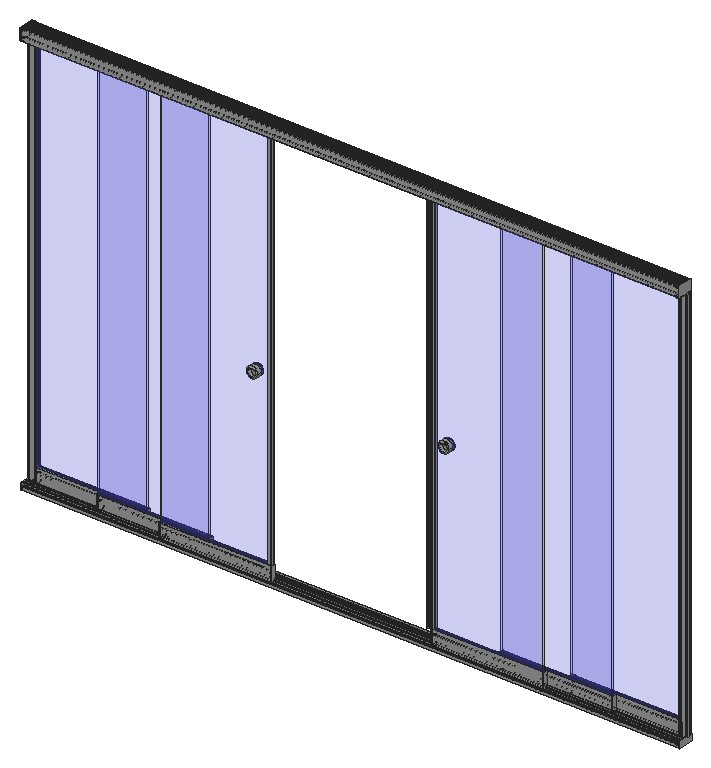
Revit family "SlideTec- 4 Panels - Retracted both sides))", category Generic Models, Revit 2018
Family settings
  Can host rebar = No
  Round Connector Dimension = Use Diameter
  Part Type = Normal
  Work Plane-Based = No
  Always vertical = Yes
  Cut with Voids When Loaded = No
  Shared = No
  Room Calculation Point = No
Parameters
  Panel 1 [instance] = if(Sliders Retracting < 0 mm, 0 mm, if(Sliders Retracting > Panel Width - 41.5 mm, Panel Width - 41.5 mm, Sliders Retracting))  # 350 mm
  Panel Width [instance] = (Length Input - 56 mm + Gap * 4) / 6  # 601.667 mm
  Sliders Retracting [instance] = 350 mm
  Panel 2 [instance] = Panel 1 * 2  # 700 mm
  Length Input [instance] = if(Length < 2000 mm, 2000 mm, if(Length > 5000 mm, 5000 mm, Length))  # 3500 mm
  Length [instance] = 3500 mm
  Height Input [instance] = if(Height < 1500 mm, 1500 mm, if(Height > 3000 mm, 3000 mm, Height))  # 2200 mm
  Height [instance] = 2200 mm
  Glass [instance] = Glass
  Gap [instance] = 41.5 mm  # constant formula
  Framing [instance] = Aluminium
Reference planes
  plane 1 "Center (Front/Back)": y = 0
  plane 2: z = 0
  plane 3 "Center (Left/Right)": x = 1248.5
  plane 4: x = -501.5
  plane 5: x = 2998.5
  plane 6: z = 2200
  plane 7: z = 2145
  plane 8: x = -467.5
  plane 9: z = 2180
  plane 10: x = 2970.5
  plane 11: x = -473.5
Dimensions and locks
  equal spacing: plane 4, plane 3 "Center (Left/Right)", plane 5
  locked: plane 6 to plane 7 at 55
  "Length Input": plane 4 to plane 5
  "Height Input": plane 6 to level
  locked: plane 6 to plane 9 at 20
  locked: plane 4 to plane 11 at 28
  "Panel 1": plane 11 to nested 10
  "Panel 2": plane 11 to nested 8
  locked: plane 10 to plane 5 at 28
  "Panel 1": nested 9 to plane 10
  "Panel 2": nested 7 to plane 10
  aligned and locked: level to plane 2
  aligned and locked: plane 7 to nested 1
  aligned and locked: plane 5 to nested 2
  aligned and locked: nested 3 to plane 8
  aligned and locked: plane 7 to nested 2
  aligned and locked: plane 9 to nested 3
  aligned and locked: plane 6 to nested 6
  aligned and locked: plane 4 to nested 5
  aligned and locked: plane 9 to nested 7
  aligned and locked: nested 4 to plane 9
  aligned and locked: plane 9 to nested 10
  aligned and locked: nested 9 to plane 9
  aligned and locked: plane 9 to nested 8
  aligned and locked: nested 4 to plane 10
  aligned and locked: plane 4 to nested 6
Nested families
  nested 1: "Side Channel" at (-501.5, 34.5, 24.002) x (0, -1, 0) z (0, 0, 1), type "Side Channel"
    with Height 2120.998 mm
  nested 2: "Side Channel" at (2998.5, 34.5, 24.002) x (0, 1, 0) z (0, 0, 1), type "Side Channel"
    with Height 2120.998 mm
  nested 3: "Panel 1" at (-172.667, 34.5, 20.362), type "Panel 1"
    with Height 2159.638 mm
  nested 4: "Panel 1" at (2669.667, 34.5, 20.362) x (-1, 0, 0) z (0, 0, 1), type "Panel 1"
    with Height 2159.638 mm
  nested 5: "Base Track For 3 Panels " at (-46.328, 0, 0), type "Base Track For 3 Panels "
    with Length 3500 mm
  nested 6: "Head Guide for 3 Panels" at (-120.423, 0, 2140), type "Head Guide for 3 Panels"
  nested 7: "Panel RH" at (1969.667, -11.5, 20.362), Width <- "Panel Width", Glass <- "Glass", Framing <- "Framing", type "Panel RH"
    with Width 601.667 mm, Height 2159.638 mm, Glass Glass, Framing Aluminium, Door Height 979.819 mm
  nested 8: "Panel LH" at (527.333, -11.5, 20.362), type "Panel LH"
    with Height 2159.638 mm, Door Height 979.819 mm
  nested 9: "Panel 2" at (2319.667, 11.5, 20.362) x (-1, 0, 0) z (0, 0, 1), type "Panel 2"
    with Height 2159.638 mm
  nested 10: "Panel 2" at (177.333, 11.5, 20.362) x (-1, 0, 0) z (0, 0, 1), type "Panel 2"
    with Height 2159.638 mm
Definition of nested family "Side Channel"
  Parameters (values of type "Side Channel")
    Height [instance] = 326.66 mm
    Framing = none
  Reference planes
    plane 1 "Center (Front/Back)": y = 0
    plane 2: z = 0
    plane 3 "Center (Left/Right)": x = 0
    plane 4: z = 326.66
  Forms (mm)
    Extrusion 1, solid, material <- "Framing"
      sketch origin (41.265, 114.075, 0) x (0, 1, 0) y (-1, 0, 0)
        loop
          arc (-74.577, 26.665) -> (-74.222, 26.811) -> (-74.075, 27.165) r 0.5
          line (-74.075, 27.165) -> (-74.075, 28.965)
          arc (-74.075, 28.965) -> (-74.888, 30.101) -> (-76.225, 29.698) r 1.2
          line (-76.225, 29.698) -> (-76.225, 28.865) -> (-75.175, 28.865) -> (-75.175, 27.765) -> (-80.475, 27.765) -> (-80.475, 28.865) -> (-79.425, 28.865) -> (-79.425, 29.812)
          arc (-79.425, 29.812) -> (-80.467, 30.15) -> (-81.349, 29.501) r 1.2
          line (-81.349, 29.501) -> (-81.349, 28.665) -> (-103.075, 28.665) -> (-103.075, 30.015) -> (-104.075, 30.015) -> (-104.075, 52.515) -> (-103.075, 52.515) -> (-103.075, 53.865) -> (-81.349, 53.865) -> (-81.349, 53.029)
          arc (-81.349, 53.029) -> (-80.467, 52.38) -> (-79.425, 52.718) r 1.2
          line (-79.425, 52.718) -> (-79.425, 53.665) -> (-80.475, 53.665) -> (-80.475, 54.765) -> (-75.175, 54.765) -> (-75.175, 53.665) -> (-76.225, 53.665) -> (-76.225, 52.832)
          arc (-76.225, 52.832) -> (-74.888, 52.429) -> (-74.075, 53.565) r 1.2
          line (-74.075, 53.565) -> (-74.075, 55.365)
          arc (-74.075, 55.365) -> (-74.221, 55.719) -> (-74.575, 55.865) r 0.5
          line (-74.575, 55.865) -> (-110.875, 55.865) -> (-110.875, 54.565) -> (-114.075, 54.565) -> (-114.075, 51.065) -> (-112.475, 51.065) -> (-112.475, 52.965) -> (-109.575, 52.965) -> (-109.575, 53.865) -> (-106.575, 53.865) -> (-106.575, 46.065) -> (-114.075, 46.065) -> (-114.075, 44.265) -> (-106.575, 44.265) -> (-106.575, 38.265) -> (-114.075, 38.265) -> (-114.075, 36.465) -> (-106.575, 36.465) -> (-106.575, 28.665) -> (-109.575, 28.665) -> (-109.575, 29.565) -> (-112.475, 29.565) -> (-112.475, 31.465) -> (-114.075, 31.465) -> (-114.075, 27.965) -> (-110.875, 27.965) -> (-110.875, 26.665) -> (-74.577, 26.665)
      from 0 to 326.66
  Dimensions and locks
    "Height": plane 4 to plane 2
    aligned and locked: level to plane 2
    aligned and locked: plane 4 to Extrusion 1
  Automatic sketch dimensions
    plane 1 "Center (Front/Back)" to Extrusion 1 sketch curve = 0 mm  (x4)
    Extrusion 1 sketch curve to Extrusion 1 sketch curve = 1.6 mm
    Extrusion 1 sketch curve to plane 1 "Center (Front/Back)" = 1.6 mm
    Extrusion 1 sketch curve to plane 1 "Center (Front/Back)" = 3.2 mm  (x2)
    Extrusion 1 sketch curve to Extrusion 1 sketch curve = 1.3 mm  (x3)
    Extrusion 1 sketch curve to Extrusion 1 sketch curve = 3 mm
    Extrusion 1 sketch curve to Extrusion 1 sketch curve = 0 mm  (x3)
    Extrusion 1 sketch curve to Extrusion 1 sketch curve = 2.5 mm
    Extrusion 1 sketch curve to Extrusion 1 sketch curve = 1 mm  (x2)
    Extrusion 1 sketch curve to Extrusion 1 sketch curve = 21.726 mm  (x2)
    Extrusion 1 sketch curve to Extrusion 1 sketch curve = 0.874 mm  (x2)
    Extrusion 1 sketch curve to Extrusion 1 sketch curve = 0.2 mm  (x3)
    Extrusion 1 sketch curve to Extrusion 1 sketch curve = 0.85 mm  (x2)
    Extrusion 1 sketch curve to Extrusion 1 sketch curve = 3.2 mm  (x2)
    Extrusion 1 sketch curve to Extrusion 1 sketch curve = 0.95 mm  (x2)
    Extrusion 1 sketch curve to Extrusion 1 sketch curve = 0.1 mm  (x6)
    Extrusion 1 sketch curve to Extrusion 1 sketch curve = 0.598 mm
    Extrusion 1 sketch curve to Extrusion 1 sketch curve = 0.6 mm  (x3)
    Extrusion 1 sketch curve to Extrusion 1 sketch curve = 0.002 mm
    Extrusion 1 sketch curve to Extrusion 1 sketch curve = 0.5 mm
    Extrusion 1 sketch curve to Extrusion 1 sketch curve = 1.1 mm  (x3)
    plane 3 "Center (Left/Right)" to Extrusion 1 sketch curve = 14.6 mm
    Extrusion 1 sketch curve to Extrusion 1 sketch curve = 0.9 mm  (x3)
    Extrusion 1 sketch curve to Extrusion 1 sketch curve = 0.836 mm
    Extrusion 1 sketch curve to Extrusion 1 sketch curve = 1.35 mm  (x2)
    Extrusion 1 sketch curve to Extrusion 1 sketch curve = 1.9 mm  (x2)
    plane 3 "Center (Left/Right)" to Extrusion 1 sketch curve = 4.8 mm
    Extrusion 1 sketch curve to Extrusion 1 sketch curve = 1.8 mm  (x2)
    Extrusion 1 sketch curve to plane 3 "Center (Left/Right)" = 3 mm
    Extrusion 1 sketch curve to Extrusion 1 sketch curve = 5 mm
    Extrusion 1 sketch curve to Extrusion 1 sketch curve = 6.45 mm
    Extrusion 1 sketch curve to plane 3 "Center (Left/Right)" = 11.453 mm
    Extrusion 1 sketch curve to Extrusion 1 sketch curve = 0.114 mm
    Extrusion 1 sketch curve to Extrusion 1 sketch curve = 0.311 mm
    Extrusion 1 sketch curve to Extrusion 1 sketch curve = 0.7 mm
Definition of nested family "Panel 1"
  Parameters (values of type "Panel 1")
    Width = 601.667 mm
    Visable Handle = yes
    Height [instance] = 2200 mm
    Handle = 1000 mm
    Glass = none
    Framing = none
  Reference planes
    plane 1 "Center (Front/Back)": y = 0
    plane 2: z = 0
    plane 3 "Center (Left/Right)": x = 0
    plane 4: x = -294.833
    plane 5: x = 294.833
    plane 6: z = 2200
    plane 7: x = -300.833
    plane 8: x = 300.833
    plane 9: z = 1000
  Forms (mm)
    Extrusion 1, solid, material <- "Framing"
      sketch origin (-125, 0, 0.663) x (0, 1, 0) y (0, 0, 1)
        loop
          line (-3.408, 45.955) -> (3.408, 45.955)
          arc (3.408, 45.955) -> (6.75, 47.192) -> (3.408, 48.43) r 1.9
          line (3.408, 48.43) -> (-3.408, 48.43)
          arc (-3.408, 48.43) -> (-6.75, 47.192) -> (-3.408, 45.955) r 1.9
        loop
          arc (8.85, 0) -> (9.204, 0.146) -> (9.35, 0.5) r 0.5
          line (9.35, 0.5) -> (9.35, 79.992) -> (6.3, 79.992) -> (6.3, 76.917) -> (6.6, 76.144) -> (6.6, 72.75) -> (6.3, 71.977) -> (6.3, 66.917) -> (6.6, 66.144) -> (6.6, 62.75) -> (6.3, 61.977) -> (6.3, 56.917) -> (6.6, 56.144) -> (6.6, 52.492) -> (2.5, 52.492) -> (2.5, 51.292) -> (-2.5, 51.292) -> (-2.5, 52.492) -> (-6.6, 52.492) -> (-6.6, 56.144) -> (-6.3, 56.917) -> (-6.3, 61.977) -> (-6.6, 62.75) -> (-6.6, 66.144) -> (-6.3, 66.917) -> (-6.3, 71.977) -> (-6.6, 72.75) -> (-6.6, 76.144) -> (-6.3, 76.917) -> (-6.3, 79.992) -> (-9.35, 79.992) -> (-9.35, 0.5)
          arc (-9.35, 0.5) -> (-9.204, 0.146) -> (-8.85, 0) r 0.5
          line (-8.85, 0) -> (-7.25, 0) -> (-7.25, 4.819) -> (-7.651, 5.547) -> (-7.751, 43.092) -> (7.75, 43.092) -> (7.75, 11.092) -> (7.75, 5.726) -> (7.35, 5) -> (7.244, 0) -> (8.85, 0)
      from -169.833 to 419.833
    Extrusion 2, solid, material <- "Glass"
      sketch origin (-125, 0, 0.163) x (0, 1, 0) y (0, 0, 1)
        loop
          line (5.979, 53.992) -> (5.979, 2200) -> (-6.021, 2200) -> (-6.021, 53.992) -> (-5.021, 52.992) -> (4.979, 52.992) -> (5.979, 53.992)
      from -169.833 to 419.833
  Dimensions and locks
    "Height": plane 6 to plane 2
    locked: plane 7 to plane 4 at 6
    locked: plane 5 to plane 8 at 6
    equal spacing: plane 4, plane 3 "Center (Left/Right)", plane 5
    "Width": plane 7 to plane 8
    "Handle": plane 9 to plane 2
    aligned and locked: level to plane 2
    aligned and locked: Extrusion 2 to plane 4
    aligned and locked: Extrusion 2 to plane 5
    aligned and locked: nested 2 to plane 7
    aligned and locked: Extrusion 1 to plane 4
    aligned and locked: nested 1 to plane 8
    aligned and locked: Extrusion 1 to plane 5
  Automatic sketch dimensions
    plane 1 "Center (Front/Back)" to Extrusion 1 sketch curve = 9.35 mm
    Extrusion 1 sketch curve to Extrusion 1 sketch curve = 0.5 mm
    plane 1 "Center (Front/Back)" to Extrusion 1 sketch curve = 7.751 mm
    Extrusion 1 sketch curve to Extrusion 1 sketch curve = 1.199 mm
    Extrusion 1 sketch curve to Extrusion 1 sketch curve = 0.401 mm
    plane 1 "Center (Front/Back)" to Extrusion 1 sketch curve = 6.6 mm  (x2)
    Extrusion 1 sketch curve to Extrusion 1 sketch curve = 2.75 mm
    Extrusion 1 sketch curve to Extrusion 1 sketch curve = 0.3 mm  (x6)
    plane 1 "Center (Front/Back)" to Extrusion 1 sketch curve = 4.85 mm
    Extrusion 1 sketch curve to Extrusion 1 sketch curve = 1.442 mm  (x3)
    plane 1 "Center (Front/Back)" to Extrusion 1 sketch curve = 2.5 mm
    Extrusion 1 sketch curve to plane 1 "Center (Front/Back)" = 2.5 mm
    Extrusion 1 sketch curve to Extrusion 1 sketch curve = 0.908 mm
    Extrusion 1 sketch curve to Extrusion 1 sketch curve = 0 mm  (x2)
    Extrusion 1 sketch curve to plane 1 "Center (Front/Back)" = 6.3 mm  (x2)
    level to Extrusion 1 sketch curve = 0.663 mm  (x2)
    Extrusion 1 sketch curve to plane 1 "Center (Front/Back)" = 7.244 mm
    Extrusion 1 sketch curve to Extrusion 1 sketch curve = 0.106 mm
    Extrusion 1 sketch curve to Extrusion 1 sketch curve = 0.4 mm
    Extrusion 1 sketch curve to Extrusion 1 sketch curve = 1.606 mm
    Extrusion 1 sketch curve to Extrusion 1 sketch curve = 3.05 mm
    Extrusion 1 sketch curve to Extrusion 1 sketch curve = 4.319 mm
    Extrusion 1 sketch curve to Extrusion 1 sketch curve = 4.5 mm
    Extrusion 1 sketch curve to Extrusion 1 sketch curve = 0.728 mm
    Extrusion 1 sketch curve to Extrusion 1 sketch curve = 0.726 mm
    Extrusion 1 sketch curve to Extrusion 1 sketch curve = 5.367 mm
    Extrusion 1 sketch curve to Extrusion 1 sketch curve = 32 mm
    Extrusion 1 sketch curve to Extrusion 1 sketch curve = 2.862 mm  (x2)
    Extrusion 1 sketch curve to Extrusion 1 sketch curve = 1.238 mm
    Extrusion 1 sketch curve to Extrusion 1 sketch curve = 1.2 mm  (x2)
    Extrusion 1 sketch curve to Extrusion 1 sketch curve = 3.652 mm  (x2)
    Extrusion 1 sketch curve to Extrusion 1 sketch curve = 0.773 mm  (x10)
    Extrusion 1 sketch curve to Extrusion 1 sketch curve = 5.06 mm  (x4)
    Extrusion 1 sketch curve to Extrusion 1 sketch curve = 3.394 mm  (x2)
    Extrusion 1 sketch curve to Extrusion 1 sketch curve = 4.167 mm  (x2)
    Extrusion 1 sketch curve to Extrusion 1 sketch curve = 3.076 mm  (x2)
    plane 6 to Extrusion 2 sketch curve = 0.163 mm
    plane 1 "Center (Front/Back)" to Extrusion 2 sketch curve = 6.021 mm
    Extrusion 2 sketch curve to Extrusion 2 sketch curve = 1 mm  (x2)
    Extrusion 2 sketch curve to plane 1 "Center (Front/Back)" = 4.979 mm
    Extrusion 2 sketch curve to plane 1 "Center (Front/Back)" = 5.979 mm
    level to Extrusion 2 sketch curve = 54.155 mm
    Extrusion 2 sketch curve to Extrusion 2 sketch curve = 0 mm
  Nested families
    nested 1: "Slider Extrusion End Cap RH & LH" at (300.833, 0, 0) x (0, -1, 0) z (0, 0, 1), type "Slider Extrusion End Cap RH & LH"
    nested 2: "Slider Extrusion End Cap End" at (-300.833, 0, 0) x (0, 1, 0) z (0, 0, 1), type "Slider Extrusion End Cap End"
  Definition of nested family "Slider Extrusion End Cap RH & LH"
    Parameters (values of type "Slider Extrusion End Cap RH & LH")
      Framing = none
    Reference planes
      plane 1 "Center (Front/Back)": y = 0
      plane 2: z = 0
      plane 3 "Center (Left/Right)": x = 0
    Forms (mm)
      Extrusion 1, solid, material <- "Framing"
        sketch origin (9.522, -6, 0) x (1, 0, 0) y (0, 1, 0)
          loop
            line (0, 0) -> (-0.051, -14.5) -> (3.708, -14.982) -> (2.849, 6) -> (-19.001, 6) -> (-19.001, 0) -> (0, 0)
        from 0 to 80.905
      Extrusion 2, solid, material <- "Framing"
        sketch origin (9.522, -6, 0) x (0, 1, 0) y (0, 0, 1)
          loop
            line (-31, 43.114) -> (-31, 30.955) -> (-14.14, 0) -> (0, 0) -> (0, 43.655) -> (-31, 43.114)
        from -2.78 to -15.892
      Extrusion 3, void
        sketch origin (12.371, 0, 0) x (-1, 0, 0) y (0, 0, 1)
          loop
            line (9.371, 0) -> (-2.356, 1.188) -> (-2.356, -1.415) -> (21.85, -1.415) -> (21.85, 0.659) -> (15.371, 0) -> (15.371, 8.755)
            arc (15.371, 8.755) -> (12.371, 11.755) -> (9.371, 8.755) r 3
            line (9.371, 8.755) -> (9.371, 0)
        from 0 to -28.971
      Extrusion 4, solid, material <- "Framing"
        sketch origin (6.742, -6, 0) x (0, 1, 0) y (0, 0, 1)
          loop
            line (0, 43.655) -> (-14.5, 43.402) -> (-14.5, -0.888) -> (0, -0.888) -> (0, 43.655)
        from 0 to 2.729
    Cuts and joins
      Extrusion 3 cuts Extrusion 1
      Extrusion 3 cuts Extrusion 2
      Extrusion 3 cuts Extrusion 4
    Dimensions and locks
      aligned and locked: level to plane 2
  Definition of nested family "Slider Extrusion End Cap End"
    Parameters (values of type "Slider Extrusion End Cap End")
      Framing = none
    Reference planes
      plane 1 "Center (Front/Back)": y = 0
      plane 2: z = 0
      plane 3 "Center (Left/Right)": x = 0
    Forms (mm)
      Extrusion 1, solid, material <- "Framing"
        sketch origin (9.522, -6, 0) x (1, 0, 0) y (0, 1, 0)
          loop
            line (-0.043, 6) -> (-19.001, 6) -> (-19.001, 0) -> (-0.043, 0) -> (-0.043, 6)
        from 0 to 80.905
      Extrusion 2, solid, material <- "Framing"
        sketch origin (9.522, -6, 0) x (0, 1, 0) y (0, 0, 1)
          loop
            line (-31, 43.114) -> (-31, 30.955) -> (-14.14, 0) -> (0, 0) -> (0, 43.655) -> (-31, 43.114)
        from -2.78 to -15.892
      Extrusion 3, void
        sketch origin (12.371, 0, 0) x (-1, 0, 0) y (0, 0, 1)
          loop
            line (9.371, 0) -> (-2.356, 1.188) -> (-2.356, -1.415) -> (21.85, -1.415) -> (21.85, 0.659) -> (15.371, 0) -> (15.371, 8.755)
            arc (15.371, 8.755) -> (12.371, 11.755) -> (9.371, 8.755) r 3
            line (9.371, 8.755) -> (9.371, 0)
        from 0 to -28.971
    Cuts and joins
      Extrusion 3 cuts Extrusion 1
      Extrusion 3 cuts Extrusion 2
    Dimensions and locks
      aligned and locked: level to plane 2
Definition of nested family "Base Track For 3 Panels "
  Parameters (values of type "Base Track For 3 Panels ")
    Length = 4000 mm
    Framing = none
  Reference planes
    plane 1 "Center (Front/Back)": y = 0
    plane 2: z = 0
    plane 3 "Center (Left/Right)": x = 1546.328
    plane 4: x = -452.172
    plane 5: x = 3541.828
    plane 6: x = -455.172
    plane 7: x = 3544.828
  Forms (mm)
    Extrusion 1, solid, material <- "Framing"
      sketch origin (0, 0, 0) x (0, -1, 0) y (0, 0, -1)
        loop
          arc (-33.001, -18.859) -> (-34.553, -17.412) -> (-35.999, -18.964) r 1.5
          line (-35.999, -18.964) -> (-48.993, -19.417) -> (-48.993, -20.618) -> (-46.666, -20.537) -> (-45.793, -20.706) -> (-36.518, -20.382)
          arc (-36.518, -20.382) -> (-36.153, -20.523) -> (-36, -20.882) r 0.5
          line (-36, -20.882) -> (-36, -26.797)
          arc (-36, -26.797) -> (-36.147, -27.151) -> (-36.5, -27.297) r 0.5
          line (-36.5, -27.297) -> (-37.4, -27.297) -> (-37.4, -29.017)
          arc (-37.4, -29.017) -> (-34.5, -31.917) -> (-31.6, -29.017) r 2.9
          line (-31.6, -29.017) -> (-31.6, -27.297) -> (-32.5, -27.297)
          arc (-32.5, -27.297) -> (-32.854, -27.151) -> (-33, -26.797) r 0.5
          line (-33, -26.797) -> (-33, -20.26) -> (-13.518, -19.579)
          arc (-13.518, -19.579) -> (-13.153, -19.719) -> (-13, -20.079) r 0.5
          line (-13, -20.079) -> (-13, -26.797)
          arc (-13, -26.797) -> (-13.147, -27.151) -> (-13.5, -27.297) r 0.5
          line (-13.5, -27.297) -> (-14.4, -27.297) -> (-14.4, -29.017)
          arc (-14.4, -29.017) -> (-11.5, -31.917) -> (-8.6, -29.017) r 2.9
          line (-8.6, -29.017) -> (-8.6, -27.297) -> (-9.5, -27.297)
          arc (-9.5, -27.297) -> (-9.854, -27.151) -> (-10, -26.797) r 0.5
          line (-10, -26.797) -> (-10, -19.456) -> (9.51, -18.775)
          arc (9.51, -18.775) -> (9.875, -18.915) -> (10.028, -19.275) r 0.5
          line (10.028, -19.275) -> (10.028, -26.797)
          arc (10.028, -26.797) -> (9.881, -27.151) -> (9.528, -27.297) r 0.5
          line (9.528, -27.297) -> (8.6, -27.297) -> (8.6, -29.017)
          arc (8.6, -29.017) -> (11.5, -31.917) -> (14.4, -29.017) r 2.9
          line (14.4, -29.017) -> (14.4, -27.297) -> (13.5, -27.297)
          arc (13.5, -27.297) -> (13.146, -27.151) -> (13, -26.797) r 0.5
          line (13, -26.797) -> (13, -18.653) -> (22.588, -18.318)
          arc (22.588, -18.318) -> (22.936, -18.16) -> (23.07, -17.801) r 0.5
          line (23.07, -17.801) -> (23.07, -16.901) -> (12.992, -17.253)
          arc (12.992, -17.253) -> (11.447, -15.606) -> (10.021, -17.356) r 1.5
          line (10.021, -17.356) -> (-33.001, -18.859)
        loop
          arc (-29.357, -13.359) -> (-31.036, -14.23) -> (-32.921, -14.069) r 3.4
          arc (-32.921, -14.069) -> (-33.383, -14.123) -> (-33.6, -14.535) r 0.5
          arc (-33.6, -14.535) -> (-33.548, -14.975) -> (-33.395, -15.39) r 1.884
          arc (-33.395, -15.39) -> (-32.358, -15.943) -> (-31.563, -16.808) r 3.5
          line (-31.563, -16.808) -> (-12.4, -16.138) -> (-12.4, -1.8) -> (-33.6, -1.8) -> (-33.6, -7.255)
          arc (-33.6, -7.255) -> (-33.383, -7.667) -> (-32.921, -7.722) r 0.5
          arc (-32.921, -7.722) -> (-31.036, -7.561) -> (-29.357, -8.431) r 3.4
          arc (-29.357, -8.431) -> (-29.33, -9.492) -> (-30.391, -9.518) r 0.75
          arc (-30.391, -9.518) -> (-33.6, -10.895) -> (-30.391, -12.272) r 1.9
          arc (-30.391, -12.272) -> (-29.33, -12.299) -> (-29.357, -13.359) r 0.75
        loop
          line (10.59, -7.228) -> (10.59, -1.8) -> (-10.6, -1.8) -> (-10.6, -16.075) -> (8.386, -15.412) -> (9.3, -14.242)
          arc (9.3, -14.242) -> (6.591, -13.562) -> (5.305, -11.083) r 3.4
          arc (5.305, -11.083) -> (5.957, -10.19) -> (6.79, -10.916) r 0.75
          arc (6.79, -10.916) -> (10.033, -12.212) -> (8.737, -8.969) r 1.9
          arc (8.737, -8.969) -> (8.006, -8.2) -> (8.775, -7.47) r 0.75
          arc (8.775, -7.47) -> (9.352, -7.534) -> (9.91, -7.695) r 3.4
          arc (9.91, -7.695) -> (10.373, -7.641) -> (10.59, -7.228) r 0.5
        loop
          line (-37.563, -17.017) -> (-49.2, -17.423) -> (-49.2, -2.1) -> (-48.701, -1.4) -> (-48.701, 0) -> (-51, 0) -> (-51, -34.1)
          arc (-51, -34.1) -> (-50.1, -35) -> (-49.2, -34.1) r 0.9
          line (-49.2, -34.1) -> (-49.2, -22.139) -> (-47.544, -21.698) -> (-47.544, -20.868) -> (-49.193, -20.925) -> (-49.193, -19.224) -> (-46.443, -19.128) -> (-36.199, -18.771)
          arc (-36.199, -18.771) -> (-34.56, -17.012) -> (-32.801, -18.652) r 1.7
          line (-32.801, -18.652) -> (9.801, -17.164)
          arc (9.801, -17.164) -> (11.44, -15.406) -> (13.199, -17.045) r 1.7
          line (13.199, -17.045) -> (27.058, -16.562)
          arc (27.058, -16.562) -> (27.746, -16.258) -> (28.028, -15.562) r 1
          line (28.028, -15.562) -> (28.028, 0) -> (25.7, 0) -> (25.7, -1.4) -> (26.2, -2.1) -> (26.2, -14.79) -> (14.437, -15.201)
          arc (14.437, -15.201) -> (13.556, -14.272) -> (12.4, -13.723) r 3.5
          line (12.4, -13.723) -> (12.4, 0) -> (-35.4, 0) -> (-35.4, -15.329)
          arc (-35.4, -15.329) -> (-36.654, -15.952) -> (-37.563, -17.017) r 3.5
      from -452.172 to 3541.828
    Extrusion 2, solid, material <- "Framing"
      sketch origin (-272.837, 2.406, 17.302) x (0, -1, 0) y (0, 0, 1)
        loop
          line (30.434, -17.302) -> (30.434, 16.798)
          arc (30.434, 16.798) -> (30.171, 17.434) -> (29.534, 17.698) r 0.9
          line (29.534, 17.698) -> (-18.594, 17.698) -> (-18.594, 6.7) -> (-45.594, 6.7) -> (-45.594, 17.185)
          arc (-45.594, 17.185) -> (-45.744, 17.548) -> (-46.106, 17.698) r 0.512
          line (-46.106, 17.698) -> (-47.654, 17.698)
          arc (-47.654, 17.698) -> (-48.319, 17.423) -> (-48.594, 16.758) r 0.94
          line (-48.594, 16.758) -> (-48.594, -17.302) -> (30.434, -17.302)
      from 182.334 to 179.334
    Extrusion 3, void
      sketch origin (-452.172, 0, 0) x (0, -1, 0) y (0, 0, -1)
        loop
          line (-40.113, -23.801) -> (-40.113, -32.156) -> (-30.113, -32.156) -> (-30.113, -23.801) -> (-40.113, -23.801)
      from 0 to 7
    Extrusion 4, void
      sketch origin (3541.828, 0, 0) x (0, 1, 0) y (0, 0, -1)
        loop
          line (29.549, -22.139) -> (29.549, -32.156) -> (40.477, -32.156) -> (40.477, -22.139) -> (29.549, -22.139)
      from 0 to 7
    Extrusion 5, solid, material <- "Framing"
      sketch origin (272.837, 25.378, 17.302) x (0, -1, 0) y (0, 0, -1)
        loop
          line (53.406, 17.302) -> (-25.622, 17.302) -> (-25.622, -16.758)
          arc (-25.622, -16.758) -> (-25.347, -17.423) -> (-24.682, -17.698) r 0.94
          line (-24.682, -17.698) -> (-23.134, -17.698)
          arc (-23.134, -17.698) -> (-22.772, -17.548) -> (-22.622, -17.185) r 0.512
          line (-22.622, -17.185) -> (-22.622, -6.7) -> (4.378, -6.7) -> (4.378, -17.698) -> (52.506, -17.698)
          arc (52.506, -17.698) -> (53.143, -17.434) -> (53.406, -16.798) r 0.9
          line (53.406, -16.798) -> (53.406, 17.302)
      from 3271.991 to 3268.991
  Cuts and joins
    Extrusion 3, Extrusion 4 cuts Extrusion 1
  Dimensions and locks
    locked: plane 6 to plane 4 at 3
    locked: plane 5 to plane 7 at 3
    equal spacing: plane 4, plane 3 "Center (Left/Right)", plane 7
    "Length": plane 6 to plane 7
    aligned and locked: level to plane 2
    aligned and locked: cut or joined group of Extrusion 1, Extrusion 3, Extrusion 4 to plane 4
    aligned and locked: cut or joined group of Extrusion 1, Extrusion 3, Extrusion 4 to plane 5
    aligned and locked: plane 4 to Extrusion 2
    aligned and locked: Extrusion 2 to plane 6
    aligned and locked: plane 5 to Extrusion 5
    aligned and locked: Extrusion 5 to plane 7
  Automatic sketch dimensions
    Extrusion 1 sketch curve to Extrusion 1 sketch curve = 0 mm  (x34)
    Extrusion 1 sketch curve to level = 0 mm  (x3)
    Extrusion 1 sketch curve to plane 1 "Center (Front/Back)" = 51 mm
    Extrusion 1 sketch curve to Extrusion 1 sketch curve = 0.9 mm  (x3)
    level to Extrusion 1 sketch curve = 17.423 mm
    Extrusion 1 sketch curve to Extrusion 1 sketch curve = 0.007 mm  (x2)
    level to Extrusion 1 sketch curve = 20.618 mm
    Extrusion 1 sketch curve to Extrusion 1 sketch curve = 0.2 mm  (x3)
    Extrusion 1 sketch curve to Extrusion 1 sketch curve = 0.499 mm
    level to Extrusion 1 sketch curve = 21.698 mm
    Extrusion 1 sketch curve to Extrusion 1 sketch curve = 1.656 mm
    level to Extrusion 1 sketch curve = 20.537 mm
    Extrusion 1 sketch curve to Extrusion 1 sketch curve = 0.877 mm
    level to Extrusion 1 sketch curve = 19.128 mm
    Extrusion 1 sketch curve to Extrusion 1 sketch curve = 0.224 mm
    level to Extrusion 1 sketch curve = 20.706 mm
    Extrusion 1 sketch curve to Extrusion 1 sketch curve = 0.873 mm
    level to Extrusion 1 sketch curve = 17.017 mm
    Extrusion 1 sketch curve to Extrusion 1 sketch curve = 8.23 mm
    Extrusion 1 sketch curve to Extrusion 1 sketch curve = 0.163 mm
    level to Extrusion 1 sketch curve = 20.382 mm
    Extrusion 1 sketch curve to Extrusion 1 sketch curve = 1.045 mm
    Extrusion 1 sketch curve to Extrusion 1 sketch curve = 0.017 mm  (x4)
    level to Extrusion 1 sketch curve = 18.771 mm
    Extrusion 1 sketch curve to Extrusion 1 sketch curve = 0.318 mm
    Extrusion 1 sketch curve to Extrusion 1 sketch curve = 0.5 mm  (x12)
    Extrusion 1 sketch curve to Extrusion 1 sketch curve = 13.301 mm
    Extrusion 1 sketch curve to Extrusion 1 sketch curve = 1.499 mm  (x2)
    Extrusion 1 sketch curve to Extrusion 1 sketch curve = 2 mm  (x2)
    Extrusion 1 sketch curve to Extrusion 1 sketch curve = 1.8 mm  (x2)
    Extrusion 1 sketch curve to Extrusion 1 sketch curve = 2.3 mm
    level to Extrusion 1 sketch curve = 18.859 mm
    Extrusion 1 sketch curve to Extrusion 1 sketch curve = 0.001 mm
    level to Extrusion 1 sketch curve = 18.652 mm
    Extrusion 1 sketch curve to Extrusion 1 sketch curve = 1.384 mm
    Extrusion 1 sketch curve to Extrusion 1 sketch curve = 0.016 mm
    Extrusion 1 sketch curve to Extrusion 1 sketch curve = 1.238 mm  (x2)
    Extrusion 1 sketch curve to Extrusion 1 sketch curve = 1.842 mm
    Extrusion 1 sketch curve to Extrusion 1 sketch curve = 1.826 mm
    Extrusion 1 sketch curve to plane 1 "Center (Front/Back)" = 14.4 mm
    Extrusion 1 sketch curve to Extrusion 1 sketch curve = 0.883 mm
    Extrusion 1 sketch curve to Extrusion 1 sketch curve = 1.118 mm
    Extrusion 1 sketch curve to Extrusion 1 sketch curve = 1.4 mm
    plane 1 "Center (Front/Back)" to Extrusion 1 sketch curve = 6.04 mm
    Extrusion 1 sketch curve to Extrusion 1 sketch curve = 2.345 mm
    plane 1 "Center (Front/Back)" to Extrusion 1 sketch curve = 8.6 mm
    Extrusion 1 sketch curve to Extrusion 1 sketch curve = 2.649 mm  (x2)
    Extrusion 1 sketch curve to Extrusion 1 sketch curve = 0.01 mm
    Extrusion 1 sketch curve to Extrusion 1 sketch curve = 0.067 mm
    Extrusion 1 sketch curve to Extrusion 1 sketch curve = 0.915 mm
    Extrusion 1 sketch curve to Extrusion 1 sketch curve = 1.125 mm
    Extrusion 1 sketch curve to Extrusion 1 sketch curve = 0.928 mm
    Extrusion 1 sketch curve to Extrusion 1 sketch curve = 0.29 mm
    Extrusion 1 sketch curve to Extrusion 1 sketch curve = 0.22 mm
    Extrusion 1 sketch curve to Extrusion 1 sketch curve = 1.333 mm
    level to Extrusion 1 sketch curve = 1.8 mm  (x2)
    Extrusion 1 sketch curve to Extrusion 1 sketch curve = 1.479 mm
    Extrusion 1 sketch curve to Extrusion 1 sketch curve = 1.972 mm
    Extrusion 1 sketch curve to Extrusion 1 sketch curve = 1.81 mm
    Extrusion 1 sketch curve to Extrusion 1 sketch curve = 1.493 mm
    Extrusion 1 sketch curve to Extrusion 1 sketch curve = 0.206 mm
    Extrusion 1 sketch curve to Extrusion 1 sketch curve = 8.133 mm
    Extrusion 1 sketch curve to Extrusion 1 sketch curve = 13.3 mm
    level to Extrusion 1 sketch curve = 2.1 mm  (x2)
    Extrusion 1 sketch curve to Extrusion 1 sketch curve = 0.828 mm
    level to Extrusion 1 sketch curve = 16.562 mm
    Extrusion 1 sketch curve to Extrusion 1 sketch curve = 0.03 mm
    Extrusion 1 sketch curve to Extrusion 1 sketch curve = 1 mm
    Extrusion 1 sketch curve to Extrusion 1 sketch curve = 1.521 mm
    Extrusion 1 sketch curve to Extrusion 1 sketch curve = 10.236 mm
    Extrusion 1 sketch curve to Extrusion 1 sketch curve = 5.915 mm
    Extrusion 1 sketch curve to Extrusion 1 sketch curve = 1.719 mm  (x3)
    Extrusion 1 sketch curve to Extrusion 1 sketch curve = 11.961 mm
    Extrusion 1 sketch curve to Extrusion 1 sketch curve = 0.307 mm
    Extrusion 1 sketch curve to Extrusion 1 sketch curve = 0.83 mm
    Extrusion 1 sketch curve to Extrusion 1 sketch curve = 1.401 mm  (x2)
    Extrusion 1 sketch curve to Extrusion 1 sketch curve = 6.718 mm
    Extrusion 1 sketch curve to Extrusion 1 sketch curve = 0.623 mm
    Extrusion 1 sketch curve to Extrusion 1 sketch curve = 1.201 mm
    Extrusion 1 sketch curve to Extrusion 1 sketch curve = 7.523 mm
    Extrusion 1 sketch curve to Extrusion 1 sketch curve = 0.193 mm  (x2)
    Extrusion 1 sketch curve to Extrusion 1 sketch curve = 0.622 mm
    Extrusion 1 sketch curve to Extrusion 1 sketch curve = 1.757 mm
    Extrusion 1 sketch curve to Extrusion 1 sketch curve = 1.419 mm
    Extrusion 1 sketch curve to Extrusion 1 sketch curve = 0.192 mm
    Extrusion 1 sketch curve to Extrusion 1 sketch curve = 0.901 mm
    Extrusion 1 sketch curve to Extrusion 1 sketch curve = 1.844 mm  (x2)
    Extrusion 1 sketch curve to Extrusion 1 sketch curve = 3.441 mm
    Extrusion 1 sketch curve to Extrusion 1 sketch curve = 0.063 mm
    Extrusion 1 sketch curve to Extrusion 1 sketch curve = 1.752 mm
    Extrusion 1 sketch curve to Extrusion 1 sketch curve = 0.772 mm
    Extrusion 1 sketch curve to Extrusion 1 sketch curve = 2.272 mm
    Extrusion 1 sketch curve to Extrusion 1 sketch curve = 1.171 mm
    Extrusion 1 sketch curve to Extrusion 1 sketch curve = 1.72 mm  (x2)
    Extrusion 1 sketch curve to Extrusion 1 sketch curve = 3.307 mm
    Extrusion 1 sketch curve to Extrusion 1 sketch curve = 1.92 mm  (x2)
    Extrusion 1 sketch curve to Extrusion 1 sketch curve = 0.04 mm
    Extrusion 1 sketch curve to Extrusion 1 sketch curve = 0.027 mm
    Extrusion 1 sketch curve to Extrusion 1 sketch curve = 0.991 mm
    Extrusion 1 sketch curve to Extrusion 1 sketch curve = 0.7 mm  (x2)
    Extrusion 1 sketch curve to Extrusion 1 sketch curve = 0.517 mm
    Extrusion 1 sketch curve to Extrusion 1 sketch curve = 0.735 mm
    Extrusion 2 sketch curve to level = 0 mm
    Extrusion 2 sketch curve to plane 1 "Center (Front/Back)" = 51 mm
    Extrusion 2 sketch curve to Extrusion 2 sketch curve = 0.94 mm
    Extrusion 2 sketch curve to Extrusion 2 sketch curve = 1.548 mm
    Extrusion 2 sketch curve to Extrusion 2 sketch curve = 0.512 mm
    Extrusion 2 sketch curve to plane 1 "Center (Front/Back)" = 21.001 mm
    plane 1 "Center (Front/Back)" to Extrusion 2 sketch curve = 27.128 mm
    Extrusion 2 sketch curve to Extrusion 2 sketch curve = 0.9 mm
    level to Extrusion 2 sketch curve = 24.002 mm
    Extrusion 2 sketch curve to Extrusion 2 sketch curve = 10.058 mm
    level to Extrusion 2 sketch curve = 34.1 mm
    Extrusion 3 sketch curve to Extrusion 1 = 2.713 mm
    Extrusion 3 sketch curve to Extrusion 1 = 1.487 mm
    Extrusion 1 to Extrusion 3 sketch curve = 4.858 mm
    Extrusion 3 sketch curve to Extrusion 1 = 3.496 mm
    Extrusion 5 sketch curve to level = 0 mm
    Extrusion 5 sketch curve to plane 1 "Center (Front/Back)" = 51 mm
    Extrusion 5 sketch curve to Extrusion 5 sketch curve = 0.94 mm
    Extrusion 5 sketch curve to Extrusion 5 sketch curve = 1.548 mm
    Extrusion 5 sketch curve to Extrusion 5 sketch curve = 0.512 mm
    Extrusion 5 sketch curve to plane 1 "Center (Front/Back)" = 21.001 mm
    plane 1 "Center (Front/Back)" to Extrusion 5 sketch curve = 27.128 mm
    Extrusion 5 sketch curve to Extrusion 5 sketch curve = 0.9 mm
    level to Extrusion 5 sketch curve = 24.002 mm
    Extrusion 5 sketch curve to Extrusion 5 sketch curve = 10.058 mm
    level to Extrusion 5 sketch curve = 34.1 mm
    Extrusion 1 to Extrusion 4 sketch curve = 3.077 mm
    Extrusion 1 to Extrusion 4 sketch curve = 2.052 mm
    Extrusion 4 sketch curve to Extrusion 1 = 4.858 mm
    Extrusion 1 to Extrusion 4 sketch curve = 5.158 mm
Definition of nested family "Head Guide for 3 Panels"
  Parameters (values of type "Head Guide for 3 Panels")
    Width = 3500 mm
    Framing = none
  Reference planes
    plane 1 "Center (Front/Back)": y = 0
    plane 2: z = 0
    plane 3 "Center (Left/Right)": x = 1365.923
    plane 4: x = -381.077
    plane 5: x = 3112.923
    plane 6: x = -384.077
    plane 7: x = 3115.923
  Forms (mm)
    Extrusion 1, solid, material <- "Framing"
      sketch origin (0, 0, 5) x (0, 1, 0) y (0, 0, 1)
        loop
          arc (27.3, 47.95) -> (25.815, 47.335) -> (25.2, 45.85) r 2.1
          line (25.2, 45.85) -> (25.2, 44.65) -> (20.8, 44.65) -> (20.8, 45.85)
          arc (20.8, 45.85) -> (20.185, 47.335) -> (18.7, 47.95) r 2.1
          line (18.7, 47.95) -> (17.5, 47.95)
          arc (17.5, 47.95) -> (17.146, 48.096) -> (17, 48.45) r 0.5
          line (17, 48.45) -> (17, 53.2) -> (18, 53.2)
          arc (18, 53.2) -> (18.354, 53.346) -> (18.5, 53.7) r 0.5
          line (18.5, 53.7) -> (18.5, 54.5)
          arc (18.5, 54.5) -> (18.354, 54.854) -> (18, 55) r 0.5
          line (18, 55) -> (15.5, 55)
          arc (15.5, 55) -> (15.146, 54.854) -> (15, 54.5) r 0.5
          line (15, 54.5) -> (15, 49.15)
          arc (15, 49.15) -> (14.854, 48.796) -> (14.5, 48.65) r 0.5
          line (14.5, 48.65) -> (8.5, 48.65)
          arc (8.5, 48.65) -> (8.146, 48.796) -> (8, 49.15) r 0.5
          line (8, 49.15) -> (8, 54.5)
          arc (8, 54.5) -> (7.854, 54.854) -> (7.5, 55) r 0.5
          line (7.5, 55) -> (5, 55)
          arc (5, 55) -> (4.646, 54.854) -> (4.5, 54.5) r 0.5
          line (4.5, 54.5) -> (4.5, 53.7)
          arc (4.5, 53.7) -> (4.646, 53.346) -> (5, 53.2) r 0.5
          line (5, 53.2) -> (6, 53.2) -> (6, 48.45)
          arc (6, 48.45) -> (5.854, 48.096) -> (5.5, 47.95) r 0.5
          line (5.5, 47.95) -> (4.3, 47.95)
          arc (4.3, 47.95) -> (2.815, 47.335) -> (2.2, 45.85) r 2.1
          line (2.2, 45.85) -> (2.2, 44.65) -> (-2.2, 44.65) -> (-2.2, 45.85)
          arc (-2.2, 45.85) -> (-2.815, 47.335) -> (-4.3, 47.95) r 2.1
          line (-4.3, 47.95) -> (-5.5, 47.95)
          arc (-5.5, 47.95) -> (-5.854, 48.096) -> (-6, 48.45) r 0.5
          line (-6, 48.45) -> (-6, 53.2) -> (-5, 53.2)
          arc (-5, 53.2) -> (-4.646, 53.346) -> (-4.5, 53.7) r 0.5
          line (-4.5, 53.7) -> (-4.5, 54.5)
          arc (-4.5, 54.5) -> (-4.646, 54.854) -> (-5, 55) r 0.5
          line (-5, 55) -> (-7.5, 55)
          arc (-7.5, 55) -> (-7.854, 54.854) -> (-8, 54.5) r 0.5
          line (-8, 54.5) -> (-8, 49.15)
          arc (-8, 49.15) -> (-8.146, 48.796) -> (-8.5, 48.65) r 0.5
          line (-8.5, 48.65) -> (-14.5, 48.65)
          arc (-14.5, 48.65) -> (-14.854, 48.796) -> (-15, 49.15) r 0.5
          line (-15, 49.15) -> (-15, 54.5)
          arc (-15, 54.5) -> (-15.146, 54.854) -> (-15.5, 55) r 0.5
          line (-15.5, 55) -> (-16.3, 55)
          arc (-16.3, 55) -> (-16.654, 54.854) -> (-16.8, 54.5) r 0.5
          line (-16.8, 54.5) -> (-16.8, 48.45)
          arc (-16.8, 48.45) -> (-16.946, 48.096) -> (-17.3, 47.95) r 0.5
          line (-17.3, 47.95) -> (-25.7, 47.95)
          arc (-25.7, 47.95) -> (-26.054, 48.096) -> (-26.2, 48.45) r 0.5
          line (-26.2, 48.45) -> (-26.2, 53.2) -> (-25, 53.2)
          arc (-25, 53.2) -> (-24.646, 53.346) -> (-24.5, 53.7) r 0.5
          line (-24.5, 53.7) -> (-24.5, 54.5)
          arc (-24.5, 54.5) -> (-24.646, 54.854) -> (-25, 55) r 0.5
          line (-25, 55) -> (-27.5, 55)
          arc (-27.5, 55) -> (-27.854, 54.854) -> (-28, 54.5) r 0.5
          line (-28, 54.5) -> (-28, -4.5)
          arc (-28, -4.5) -> (-27.854, -4.854) -> (-27.5, -5) r 0.5
          line (-27.5, -5) -> (-26.7, -5)
          arc (-26.7, -5) -> (-26.346, -4.854) -> (-26.2, -4.5) r 0.5
          line (-26.2, -4.5) -> (-26.2, 0) -> (-20.25, 0)
          arc (-20.25, 0) -> (-19.896, 0.146) -> (-19.75, 0.5) r 0.5
          line (-19.75, 0.5) -> (-19.75, 2.25) -> (-20.95, 2.25) -> (-20.95, 1.2) -> (-22.35, 1.2) -> (-22.35, 2.25) -> (-25.7, 2.25)
          arc (-25.7, 2.25) -> (-26.054, 2.396) -> (-26.2, 2.75) r 0.5
          line (-26.2, 2.75) -> (-26.2, 4.95)
          arc (-26.2, 4.95) -> (-26.054, 5.304) -> (-25.7, 5.45) r 0.5
          line (-25.7, 5.45) -> (-22.35, 5.45) -> (-22.35, 6.5) -> (-20.774, 6.5) -> (-20.679, 5.692)
          arc (-20.679, 5.692) -> (-20.116, 5.468) -> (-19.75, 5.95) r 0.5
          line (-19.75, 5.95) -> (-19.853, 6.824) -> (-20.952, 8.407)
          arc (-20.952, 8.407) -> (-21.492, 8.726) -> (-22.085, 8.523) r 0.75
          arc (-22.085, 8.523) -> (-25.294, 9.895) -> (-22.092, 11.283) r 1.9
          line (-22.092, 11.283) -> (-21.25, 11.283) -> (-21.25, 12.539)
          arc (-21.25, 12.539) -> (-23.718, 13.285) -> (-26, 12.084) r 3.4
          line (-26, 12.084) -> (-26, 42.066)
          arc (-26, 42.066) -> (-25.258, 41.406) -> (-24.356, 40.989) r 3.4
          arc (-24.356, 40.989) -> (-23.425, 41.496) -> (-23.932, 42.428) r 0.75
          arc (-23.932, 42.428) -> (-24.344, 45.895) -> (-21.547, 43.805) r 1.9
          arc (-21.547, 43.805) -> (-21.366, 43.116) -> (-20.691, 42.89) r 0.75
          line (-20.691, 42.89) -> (-19.896, 43.026) -> (-19, 44.624) -> (-19, 46.15) -> (-4, 46.15) -> (-4, 44.624) -> (-3.004, 42.85) -> (-1, 42.85) -> (-1, 7.7) -> (-3.25, 7.7) -> (-3.25, 5.45) -> (-2.05, 5.45) -> (-2.05, 6.5) -> (-0.85, 6.5) -> (-0.85, 1.2) -> (-2.05, 1.2) -> (-2.05, 2.25) -> (-3.25, 2.25) -> (-3.25, 0.5)
          arc (-3.25, 0.5) -> (-3.104, 0.146) -> (-2.75, 0) r 0.5
          line (-2.75, 0) -> (2.75, 0)
          arc (2.75, 0) -> (3.104, 0.146) -> (3.25, 0.5) r 0.5
          line (3.25, 0.5) -> (3.25, 2.25) -> (2.05, 2.25) -> (2.05, 1.2) -> (0.85, 1.2) -> (0.85, 6.5) -> (2.05, 6.5) -> (2.05, 5.45) -> (3.25, 5.45) -> (3.25, 7.7) -> (1, 7.7) -> (1, 42.85) -> (3, 42.85) -> (3.958, 44.471) -> (4.009, 46.15) -> (19, 46.15) -> (19, 44.624) -> (19.996, 42.85) -> (22, 42.85) -> (22, 7.7) -> (19.75, 7.7) -> (19.75, 5.45) -> (20.95, 5.45) -> (20.95, 6.5) -> (22.15, 6.5) -> (22.15, 1.2) -> (20.95, 1.2) -> (20.95, 2.25) -> (19.75, 2.25) -> (19.75, 0.5)
          arc (19.75, 0.5) -> (19.896, 0.146) -> (20.25, 0) r 0.5
          line (20.25, 0) -> (25.75, 0)
          arc (25.75, 0) -> (26.104, 0.146) -> (26.25, 0.5) r 0.5
          line (26.25, 0.5) -> (26.25, 2.25) -> (25.05, 2.25) -> (25.05, 1.2) -> (23.85, 1.2) -> (23.85, 6.5) -> (25.05, 6.5) -> (25.05, 5.45) -> (26.25, 5.45) -> (26.25, 7.7) -> (24, 7.7) -> (24, 42.85) -> (26, 42.85) -> (26.958, 44.471) -> (27.009, 46.15) -> (42, 46.15) -> (42, 44.624) -> (42.896, 43.026) -> (43.691, 42.89)
          arc (43.691, 42.89) -> (44.366, 43.116) -> (44.547, 43.805) r 0.75
          arc (44.547, 43.805) -> (47.344, 45.895) -> (46.932, 42.428) r 1.9
          arc (46.932, 42.428) -> (46.425, 41.496) -> (47.356, 40.989) r 0.75
          arc (47.356, 40.989) -> (48.258, 41.406) -> (49, 42.066) r 3.4
          line (49, 42.066) -> (49, 12.084)
          arc (49, 12.084) -> (46.718, 13.285) -> (44.25, 12.539) r 3.4
          line (44.25, 12.539) -> (44.25, 11.283) -> (45.092, 11.283)
          arc (45.092, 11.283) -> (48.294, 9.895) -> (45.085, 8.523) r 1.9
          arc (45.085, 8.523) -> (44.492, 8.726) -> (43.952, 8.407) r 0.75
          line (43.952, 8.407) -> (42.853, 6.824) -> (42.75, 5.95)
          arc (42.75, 5.95) -> (43.116, 5.468) -> (43.679, 5.692) r 0.5
          line (43.679, 5.692) -> (43.774, 6.5) -> (45.35, 6.5) -> (45.35, 5.45) -> (48.7, 5.45)
          arc (48.7, 5.45) -> (49.054, 5.304) -> (49.2, 4.95) r 0.5
          line (49.2, 4.95) -> (49.2, 2.75)
          arc (49.2, 2.75) -> (49.054, 2.396) -> (48.7, 2.25) r 0.5
          line (48.7, 2.25) -> (45.35, 2.25) -> (45.35, 1.2) -> (43.95, 1.2) -> (43.95, 2.25) -> (42.75, 2.25) -> (42.75, 0.5)
          arc (42.75, 0.5) -> (42.896, 0.146) -> (43.25, 0) r 0.5
          line (43.25, 0) -> (49.2, 0) -> (49.2, -4.5)
          arc (49.2, -4.5) -> (49.346, -4.854) -> (49.7, -5) r 0.5
          line (49.7, -5) -> (50.5, -5)
          arc (50.5, -5) -> (50.854, -4.854) -> (51, -4.5) r 0.5
          line (51, -4.5) -> (51, 54.5)
          arc (51, 54.5) -> (50.854, 54.854) -> (50.5, 55) r 0.5
          line (50.5, 55) -> (48, 55)
          arc (48, 55) -> (47.646, 54.854) -> (47.5, 54.5) r 0.5
          line (47.5, 54.5) -> (47.5, 53.7)
          arc (47.5, 53.7) -> (47.646, 53.346) -> (48, 53.2) r 0.5
          line (48, 53.2) -> (49.2, 53.2) -> (49.2, 48.45)
          arc (49.2, 48.45) -> (49.054, 48.096) -> (48.7, 47.95) r 0.5
          line (48.7, 47.95) -> (40.3, 47.95)
          arc (40.3, 47.95) -> (39.946, 48.096) -> (39.8, 48.45) r 0.5
          line (39.8, 48.45) -> (39.8, 54.5)
          arc (39.8, 54.5) -> (39.654, 54.854) -> (39.3, 55) r 0.5
          line (39.3, 55) -> (38.5, 55)
          arc (38.5, 55) -> (38.146, 54.854) -> (38, 54.5) r 0.5
          line (38, 54.5) -> (38, 49.15)
          arc (38, 49.15) -> (37.854, 48.796) -> (37.5, 48.65) r 0.5
          line (37.5, 48.65) -> (31.5, 48.65)
          arc (31.5, 48.65) -> (31.146, 48.796) -> (31, 49.15) r 0.5
          line (31, 49.15) -> (31, 54.5)
          arc (31, 54.5) -> (30.854, 54.854) -> (30.5, 55) r 0.5
          line (30.5, 55) -> (28, 55)
          arc (28, 55) -> (27.646, 54.854) -> (27.5, 54.5) r 0.5
          line (27.5, 54.5) -> (27.5, 53.7)
          arc (27.5, 53.7) -> (27.646, 53.346) -> (28, 53.2) r 0.5
          line (28, 53.2) -> (29, 53.2) -> (29, 48.45)
          arc (29, 48.45) -> (28.854, 48.096) -> (28.5, 47.95) r 0.5
          line (28.5, 47.95) -> (27.3, 47.95)
      from -381.077 to 3112.923
    Extrusion 2, solid, material <- "Framing"
      sketch origin (3112.923, 0, 5) x (0, 1, 0) y (0, 0, 1)
        loop
          line (51, -5) -> (51, 55) -> (-28, 55) -> (-28, -5) -> (-25, -5) -> (-25, 0) -> (1.999, 0) -> (1.999, -5) -> (51, -5)
      from 0 to 3
    Extrusion 3, solid, material <- "Framing"
      sketch origin (-381.077, 0, 5) x (0, -1, 0) y (0, 0, 1)
        loop
          line (28, -5) -> (28, 55) -> (-51, 55) -> (-51, -5) -> (-48, -5) -> (-48, 0) -> (-21.001, 0) -> (-21.001, -5) -> (28, -5)
      from 0 to 3
  Dimensions and locks
    locked: plane 6 to plane 4 at 3
    locked: plane 5 to plane 7 at 3
    equal spacing: plane 4, plane 3 "Center (Left/Right)", plane 5
    "Width": plane 6 to plane 7
    aligned and locked: level to plane 2
    aligned and locked: Extrusion 1 to plane 4
    aligned and locked: Extrusion 1 to plane 5
  Automatic sketch dimensions
    Extrusion 1 sketch curve to Extrusion 1 sketch curve = 0 mm  (x23)
    Extrusion 1 sketch curve to level = 0 mm  (x2)
    Extrusion 1 sketch curve to Extrusion 1 sketch curve = 0.5 mm  (x41)
    Extrusion 1 sketch curve to Extrusion 1 sketch curve = 0.8 mm  (x10)
    Extrusion 1 sketch curve to Extrusion 1 sketch curve = 1.3 mm  (x4)
    Extrusion 1 sketch curve to Extrusion 1 sketch curve = 0.2 mm  (x5)
    Extrusion 1 sketch curve to Extrusion 1 sketch curve = 1.2 mm  (x24)
    Extrusion 1 sketch curve to Extrusion 1 sketch curve = 1.856 mm
    Extrusion 1 sketch curve to Extrusion 1 sketch curve = 2.606 mm  (x2)
    Extrusion 1 sketch curve to Extrusion 1 sketch curve = 0.75 mm  (x2)
    Extrusion 1 sketch curve to Extrusion 1 sketch curve = 3.35 mm  (x3)
    Extrusion 1 sketch curve to Extrusion 1 sketch curve = 1.303 mm  (x2)
    Extrusion 1 sketch curve to Extrusion 1 sketch curve = 0.782 mm
    level to Extrusion 1 sketch curve = 17.539 mm  (x2)
    Extrusion 1 sketch curve to Extrusion 1 sketch curve = 0.842 mm  (x3)
    level to Extrusion 1 sketch curve = 16.283 mm  (x2)
    level to Extrusion 1 sketch curve = 13.407 mm  (x2)
    Extrusion 1 sketch curve to Extrusion 1 sketch curve = 0.616 mm  (x2)
    Extrusion 1 sketch curve to Extrusion 1 sketch curve = 1.4 mm  (x2)
    Extrusion 1 sketch curve to Extrusion 1 sketch curve = 2.576 mm  (x2)
    Extrusion 1 sketch curve to Extrusion 1 sketch curve = 1.576 mm
    Extrusion 1 sketch curve to Extrusion 1 sketch curve = 0.127 mm  (x2)
    level to Extrusion 1 sketch curve = 10.692 mm  (x2)
    Extrusion 1 sketch curve to Extrusion 1 sketch curve = 0.095 mm
    Extrusion 1 sketch curve to Extrusion 1 sketch curve = 0.429 mm
    Extrusion 1 sketch curve to Extrusion 1 sketch curve = 0.7 mm  (x11)
    Extrusion 1 sketch curve to Extrusion 1 sketch curve = 0.795 mm  (x2)
    level to Extrusion 1 sketch curve = 11.824 mm  (x2)
    Extrusion 1 sketch curve to Extrusion 1 sketch curve = 0.397 mm
    level to Extrusion 1 sketch curve = 10.95 mm  (x2)
    Extrusion 1 sketch curve to Extrusion 1 sketch curve = 0.896 mm  (x2)
    Extrusion 1 sketch curve to Extrusion 1 sketch curve = 1.7 mm  (x4)
    Extrusion 1 sketch curve to Extrusion 1 sketch curve = 1.8 mm  (x5)
    Extrusion 1 sketch curve to Extrusion 1 sketch curve = 6 mm  (x3)
    Extrusion 1 sketch curve to Extrusion 1 sketch curve = 2 mm  (x2)
    Extrusion 1 sketch curve to Extrusion 1 sketch curve = 1 mm  (x5)
    Extrusion 1 sketch curve to Extrusion 1 sketch curve = 0.3 mm  (x4)
    level to Extrusion 1 sketch curve = 7.25 mm  (x3)
    Extrusion 1 sketch curve to Extrusion 1 sketch curve = 0.996 mm  (x2)
    Extrusion 1 sketch curve to Extrusion 1 sketch curve = 1.05 mm  (x13)
    Extrusion 1 sketch curve to Extrusion 1 sketch curve = 0.15 mm  (x2)
    Extrusion 1 sketch curve to plane 1 "Center (Front/Back)" = 2.2 mm
    Extrusion 1 sketch curve to Extrusion 1 sketch curve = 1.758 mm  (x2)
    Extrusion 1 sketch curve to Extrusion 1 sketch curve = 0.051 mm  (x2)
    Extrusion 1 sketch curve to Extrusion 1 sketch curve = 0.291 mm  (x2)
    Extrusion 1 sketch curve to plane 1 "Center (Front/Back)" = 4.5 mm
    Extrusion 1 sketch curve to Extrusion 1 sketch curve = 1.5 mm  (x3)
    Extrusion 1 sketch curve to Extrusion 1 sketch curve = 16.5 mm
    Extrusion 1 sketch curve to Extrusion 1 sketch curve = 0.103 mm
    Extrusion 1 sketch curve to Extrusion 1 sketch curve = 0.524 mm
    Extrusion 1 sketch curve to Extrusion 1 sketch curve = 0.178 mm
    Extrusion 1 sketch curve to Extrusion 1 sketch curve = 0.298 mm
    Extrusion 1 sketch curve to Extrusion 1 sketch curve = 1.671 mm
    Extrusion 1 sketch curve to Extrusion 1 sketch curve = 7.7 mm
    Extrusion 1 sketch curve to Extrusion 1 sketch curve = 2.306 mm
    Extrusion 1 sketch curve to Extrusion 1 sketch curve = 4.5 mm  (x2)
    Extrusion 1 sketch curve to Extrusion 1 sketch curve = 2.25 mm
    level to Extrusion 1 sketch curve = 5 mm
    Extrusion 1 sketch curve to Extrusion 1 sketch curve = 2.2 mm  (x2)
    Extrusion 1 sketch curve to Extrusion 1 sketch curve = 3.2 mm  (x4)
    Extrusion 1 sketch curve to Extrusion 1 sketch curve = 0.55 mm
    Extrusion 1 sketch curve to Extrusion 1 sketch curve = 0.428 mm  (x2)
    Extrusion 1 sketch curve to Extrusion 1 sketch curve = 1.383 mm  (x2)
    Extrusion 1 sketch curve to Extrusion 1 sketch curve = 29.17 mm  (x2)
    Extrusion 1 sketch curve to Extrusion 1 sketch curve = 0.358 mm  (x2)
    Extrusion 1 sketch curve to Extrusion 1 sketch curve = 1.181 mm  (x2)
    Extrusion 1 sketch curve to Extrusion 1 sketch curve = 0.137 mm  (x2)
    Extrusion 1 sketch curve to Extrusion 1 sketch curve = 0.739 mm  (x2)
    Extrusion 1 sketch curve to Extrusion 1 sketch curve = 0.621 mm
    Extrusion 1 sketch curve to Extrusion 1 sketch curve = 2.542 mm
    Extrusion 1 sketch curve to Extrusion 1 sketch curve = 1.621 mm  (x2)
    Extrusion 1 sketch curve to Extrusion 1 sketch curve = 1.774 mm  (x2)
    Extrusion 1 sketch curve to Extrusion 1 sketch curve = 1.598 mm  (x2)
    Extrusion 1 sketch curve to Extrusion 1 sketch curve = 0.179 mm
    Extrusion 1 sketch curve to Extrusion 1 sketch curve = 0.026 mm
    Extrusion 1 sketch curve to Extrusion 1 sketch curve = 1.379 mm
    Extrusion 1 sketch curve to Extrusion 1 sketch curve = 1.526 mm
    Extrusion 1 sketch curve to Extrusion 1 sketch curve = 3.7 mm
    Extrusion 1 sketch curve to Extrusion 1 sketch curve = 4.75 mm  (x4)
    Extrusion 1 sketch curve to Extrusion 1 sketch curve = 4.05 mm  (x2)
    Extrusion 1 sketch curve to Extrusion 1 sketch curve = 5.35 mm  (x2)
    Extrusion 3 sketch curve to Extrusion 1 = 0 mm  (x5)
    Extrusion 1 to Extrusion 3 sketch curve = 0 mm
    Extrusion 3 sketch curve to Extrusion 1 = 0.051 mm
    Extrusion 1 to Extrusion 3 sketch curve = 0.5 mm
    Extrusion 2 sketch curve to Extrusion 1 = 0 mm  (x3)
    Extrusion 1 to Extrusion 2 sketch curve = 0 mm  (x3)
    Extrusion 2 sketch curve to Extrusion 1 = 0.5 mm
    Extrusion 1 to Extrusion 2 sketch curve = 0.051 mm
    Extrusion 1 sketch curve to plane 1 "Center (Front/Back)" = 19.75 mm
    Extrusion 1 sketch curve to Extrusion 1 sketch curve = 3.3 mm
    Extrusion 1 sketch curve to plane 1 "Center (Front/Back)" = 1 mm
    plane 1 "Center (Front/Back)" to Extrusion 1 sketch curve = 2.2 mm
Definition of nested family "Panel RH"
  Parameters (values of type "Panel RH")
    Width [instance] = 517.125 mm
    Height [instance] = 2000 mm
    Glass [instance] = none
    Framing [instance] = none
    Door Height [instance] = if((Height / 2 - 100 mm) < 500 mm, 500 mm, Height / 2 - 100 mm)  # 900 mm
  Reference planes
    plane 1 "Center (Front/Back)": y = 0
    plane 2: z = 0
    plane 3 "Center (Left/Right)": x = 0
    plane 4: x = -252.563
    plane 5: x = 252.563
    plane 6: z = 2000
    plane 7: x = -258.562
    plane 8: x = 258.563
    plane 9: x = -173.563
    plane 10: z = 900
  Forms (mm)
    Extrusion 1, solid, material <- "Framing"
      sketch origin (-125, 0, 0.663) x (0, 1, 0) y (0, 0, 1)
        loop
          line (-3.408, 45.955) -> (3.408, 45.955)
          arc (3.408, 45.955) -> (6.75, 47.192) -> (3.408, 48.43) r 1.9
          line (3.408, 48.43) -> (-3.408, 48.43)
          arc (-3.408, 48.43) -> (-6.75, 47.192) -> (-3.408, 45.955) r 1.9
        loop
          arc (8.85, 0) -> (9.204, 0.146) -> (9.35, 0.5) r 0.5
          line (9.35, 0.5) -> (9.35, 79.992) -> (6.3, 79.992) -> (6.3, 76.917) -> (6.6, 76.144) -> (6.6, 72.75) -> (6.3, 71.977) -> (6.3, 66.917) -> (6.6, 66.144) -> (6.6, 62.75) -> (6.3, 61.977) -> (6.3, 56.917) -> (6.6, 56.144) -> (6.6, 52.492) -> (2.5, 52.492) -> (2.5, 51.292) -> (-2.5, 51.292) -> (-2.5, 52.492) -> (-6.6, 52.492) -> (-6.6, 56.144) -> (-6.3, 56.917) -> (-6.3, 61.977) -> (-6.6, 62.75) -> (-6.6, 66.144) -> (-6.3, 66.917) -> (-6.3, 71.977) -> (-6.6, 72.75) -> (-6.6, 76.144) -> (-6.3, 76.917) -> (-6.3, 79.992) -> (-9.35, 79.992) -> (-9.35, 0.5)
          arc (-9.35, 0.5) -> (-9.204, 0.146) -> (-8.85, 0) r 0.5
          line (-8.85, 0) -> (-7.25, 0) -> (-7.25, 4.819) -> (-7.651, 5.547) -> (-7.751, 43.092) -> (7.75, 43.092) -> (7.75, 11.092) -> (7.75, 5.726) -> (7.35, 5) -> (7.244, 0) -> (8.85, 0)
      from -127.563 to 377.563
    Extrusion 2, solid, material <- "Glass"
      sketch origin (-125, 0, 0.163) x (0, 1, 0) y (0, 0, 1)
        loop
          line (5.979, 53.992) -> (5.979, 2000) -> (-6.021, 2000) -> (-6.021, 53.992) -> (-5.021, 52.992) -> (4.979, 52.992) -> (5.979, 53.992)
      from -127.563 to 377.563
    Extrusion 3, solid, material <- "Framing"
      sketch origin (0, 0, 0) x (1, 0, 0) y (0, 1, 0)
        loop
          line (-268.705, 8.938) -> (-255.863, 7.077) -> (-255.863, -7.077) -> (-268.705, -8.938) -> (-272.468, -9.729)
          arc (-272.468, -9.729) -> (-273.196, -11.064) -> (-271.762, -11.573) r 1
          line (-271.762, -11.573) -> (-270.545, -10.87)
          arc (-270.545, -10.87) -> (-269.458, -10.374) -> (-268.298, -10.091) r 6.3
          line (-268.298, -10.091) -> (-256.119, -8.326)
          arc (-256.119, -8.326) -> (-255.321, -7.988) -> (-254.794, -7.3) r 1.7
          line (-254.794, -7.3) -> (-236.58, -7.3) -> (-235.38, -6.1) -> (-251.662, -6.1) -> (-254.162, -6.1)
          arc (-254.162, -6.1) -> (-254.516, -5.954) -> (-254.663, -5.6) r 0.5
          line (-254.663, -5.6) -> (-254.663, 5.6)
          arc (-254.663, 5.6) -> (-254.516, 5.954) -> (-254.163, 6.1) r 0.5
          line (-254.163, 6.1) -> (-235.38, 6.1) -> (-236.58, 7.3) -> (-254.794, 7.3)
          arc (-254.794, 7.3) -> (-255.321, 7.988) -> (-256.119, 8.326) r 1.7
          line (-256.119, 8.326) -> (-268.298, 10.091)
          arc (-268.298, 10.091) -> (-269.458, 10.374) -> (-270.545, 10.87) r 6.3
          line (-270.545, 10.87) -> (-271.762, 11.573)
